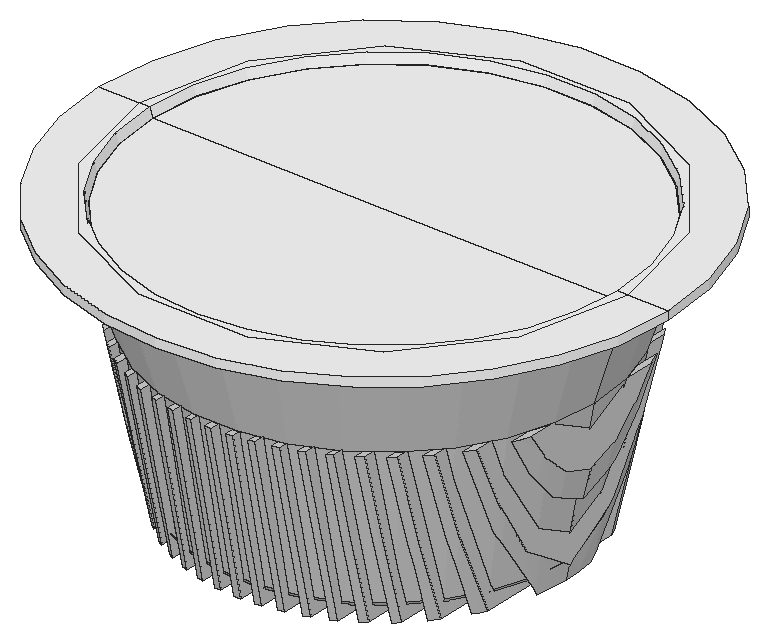
Revit family "LUXI_DOWNLIGHT_CC", category Apparecchi per illuminazione, host Superficie, Revit 2016
Family settings
  Host = Superficie
  Tipo di parte = Normale
  Quota connettore circolare = Usa diametro
  Numero OmniClass = 23.80.70.00
  Titolo OmniClass = Lighting
  Taglio con vuoti quando caricato = No
  Sorgente d'illuminazione = Sì
  Condiviso = No
  Punto di calcolo locali = Sì
Parameters (values of type "DLCC012120WX840")
  Weight = 0.32 kg
  Wattage = 12 W
  built-in parameter 1150103 = 7.74192 W
  Warranty = "5 years"  # constant formula
  Variazione temperatura colore lampada con luminosità attenuata = <Nessuno>
  Uniclass 2015 description = "Lighting"  # constant formula
  Uniclass 2015 code = "EF_70_80"  # constant formula
  URL = "https://www.luxi.lighting/"
  built-in parameter 1150107 = 4000 (stored number, unit not read)
  Step MacAdam (SDCM) = "<3"  # constant formula
  Size = "Ø140x68 recession Ø120"
  Review = "3"  # constant formula
  Rendi la forma visibile nel rendering = no
  Rated supply voltage = "220-240V AC / 50-60 Hz"  # constant formula
  Protection class = "II"  # constant formula
  Prospetto di default = 2000 mm
  Produttore = "Luxi Illuminazione S.r.l."  # constant formula
  Power supply = "Included, not dimmable"  # constant formula
  Power factor = "≥0,95 (typ.)"  # constant formula
  Photobiological risk group = "RG0"  # constant formula
  built-in parameter 1150110 = 1 (stored number, unit not read)
  built-in parameter 1150109 = 1 (stored number, unit not read)
  built-in parameter 1114218 = 1 (stored number, unit not read)
  built-in parameter 1150112 = 1 (stored number, unit not read)
  Optics = "Metalized reflector UGR≤19"  # constant formula
  Operating temperature = "0°C / +40°C"  # constant formula
  OFF3 = OFF2 + 8 mm + 1 mm  # 54 mm
  OFF2 = (Recession / 2) - 16 mm + 1 mm  # 45 mm
  OFF1 = H - 26.6 mm  # 41.4 mm
  Modello = "CC Series | Downlight"  # constant formula
  built-in parameter 1150137 = 1
  built-in parameter 1150132 = 2
  Material 3 = Molded Aluminum_Grey
  Material 2 = Opal Technopolimer
  Material 1 = Polycarbonate_White
  Masterformat 2016 description = "Lighting"  # constant formula
  Masterformat 2016 code = "26.50.00"  # constant formula
  Light source = "LED SMD"  # constant formula
  Light distribution = "Edge light"  # constant formula
  Lifetime = "L70B20 50.000h"  # constant formula
  built-in parameter 1150105 = 91.514 (stored number, unit not read)
  built-in parameter 1150102 = (empty or 0)
  Installation = "Recessed"  # constant formula
  Recession = 120 mm
  Impact rating = "IK06 (1 Joule)"  # constant formula
  built-in parameter 1150106 = 0.91514 (stored number, unit not read)
  IFCExportAs = "IfcLightFixtureType"  # constant formula
  H = 68 mm
  Lumens = 1150 lm
  Color Filter = 16777215
  File diagramma fotometrico = "DLCC012120WX840 Luxi Serie CC 12W 4000K UGR19.IES"
  built-in parameter 1114217 = 1 (stored number, unit not read)
  built-in parameter 1150139 = (empty or 0)
  Energy class = "A+"  # constant formula
  Emit from Circle Diameter = Diameter - (17.4 mm * 2)  # 105.2 mm
  built-in parameter 1150104 = 13.8 (stored number, unit not read)
  Dust and water protection rating = "IP 20"  # constant formula
  built-in parameter 1150115 = 1 (stored number, unit not read)
  built-in parameter 1150114 = 1 (stored number, unit not read)
  built-in parameter 1150113 = 1 (stored number, unit not read)
  Dimming = "1-10V / DALI / PUSH DIM (optional)"  # constant formula
  Diameter = 140 mm
  Descrizione = "LED Downlight"  # constant formula
  built-in parameter 1150134 = 12
  built-in parameter 1150138 = (empty or 0)
  Color = "White (frame)"  # constant formula
  Code = "DLCC012120WX840"
  Certifications = "CE / RohS"  # constant formula
  Carico apparente = Wattage  # 12 VA
  CRI = "≥80 (typ.)"
  Tilt Angle = -90.00°
  built-in parameter 1150133 = 10 (stored number, unit not read)
Types (4, lengths in mm): name | Weight | Wattage | built-in parameter 1150103 | Size | OFF3 | OFF2 | OFF1 | built-in parameter 1150105 | Recession | built-in parameter 1150106 | H | Lumens | File diagramma fotometrico | Emit from Circle Diameter | Diameter | Code | Carico apparente | CRI
  (no name) | 0.32 kg | 12 W | 7.74192 W | "Ø140x68 recession Ø120" | 54 | 45 | 41.4 | 91.514 (stored number, unit not read) | 120 | 0.91514 (stored number, unit not read) | 68 | 1150 lm | "DLCC012120WX840 Luxi Serie CC 12W 4000K UGR19.IES" | 105.2 | 140 | "DLCC012120WX840" | 12 VA | "≥80 (typ.)"
  DLCC012120WX840 | 0.32 kg | 12 W | 7.74192 W | "Ø140x68 recession Ø120" | 54 | 45 | 41.4 | 91.514 (stored number, unit not read) | 120 | 0.91514 (stored number, unit not read) | 68 | 1150 lm | "DLCC012120WX840 Luxi Serie CC 12W 4000K UGR19.IES" | 105.2 | 140 | "DLCC012120WX840" | 12 VA | "≥80 (typ.)"
  DLCC022150WX940 | 0.52 kg | 22 W | 14.1374 W | "Ø180x90 recession Ø150" | 69 | 60 | 63.4 | 1861.5 (stored number, unit not read) | 150 | 18.615 (stored number, unit not read) | 90 | 2100 lm | "DLCC022150WX840 Luxi Serie CC 22W 4000K UGR19.IES" | 145.2 | 180 | "DLCC022150WX940" | 22 VA | "≥90 (typ.)"
  DLCC032200WX840 | 0.92 kg | 32 W | 19.5231 W | "Ø230x120 recession Ø200" | 94 | 85 | 93.4 | 2127.4 (stored number, unit not read) | 200 | 21.274 (stored number, unit not read) | 120 | 2900 lm | "DLCC032200WX840 Luxi Serie CC 32W 4000K UGR19.IES" | 195.2 | 230 | "DLCC032200WX840" | 32 VA | "≥80 (typ.)"
Reference planes
  plane 1 "Centro (Fronte/Retro)": y = 0
  plane 2: z = 0
  plane 3 "Centro (Sinistra/Destra)": x = 0
  plane 4: x = -70
  plane 5: x = -60
  plane 6: x = -51.951
  plane 7: x = -44.206
  plane 8: x = 70
  plane 9: x = 60
  plane 10: x = 51.951
  plane 11: x = 44.206
  plane 12: z = 2.192
  plane 13 "RAD_Base": z = -65.808
  plane 14: z = -62.739
  plane 15: z = -24.405
Forms (mm)
  Revolve 1, solid, material "Molded Aluminum_Grey" <- "Material 3"
    sketch origin (0, 0, 0) x (1, 0, 0) y (0, 0, 1)
      loop
        line (-60, 0) -> (-51.951, -24.405) -> (-44.343, -61.917)
        arc (-44.343, -61.917) -> (-44.009, -62.504) -> (-43.373, -62.734) r 0.977
        line (-43.373, -62.734) -> (0, -62.447) -> (0, 0) -> (-60, 0)
      axis (0, 0) -> (0, -62.734)
    angle from 0 to 360
  Revolve 2, void
    sketch origin (0, 0, 0) x (1, 0, 0) y (0, 0, 1)
      loop
        line (-57.564, 2.192) -> (-48.792, -24.405) -> (0, -24.405) -> (0, 2.192) -> (-57.564, 2.192)
      axis (0, 2.192) -> (0, -24.405)
    angle from 0 to 360
  Extrusion 3, void
    sketch origin (0, 0, 0) x (1, 0, 0) y (0, 1, 0)
      loop
        circle (0, 0) r 60
    from -119.284 to 250
  Revolve 4, solid, material "Opal Technopolimer" <- "Material 2"
    sketch origin (0, 0, 0) x (1, 0, 0) y (0, 0, 1)
      loop
        line (-48.792, -24.405) -> (0, -24.405) -> (0, 0) -> (-56.841, 0) -> (-48.792, -24.405)
      axis (0, 0) -> (0, -24.405)
    angle from 0 to 360
  Revolve 5, solid, material "Polycarbonate_White" <- "Material 1"
    sketch origin (0, 0, 0) x (1, 0, 0) y (0, 0, 1)
      loop
        line (-70, 2.192) -> (-70, 0) -> (-56.841, 0) -> (-57.564, 2.192) -> (-60, 2.192) -> (-70, 2.192)
      axis (0, 2.192) -> (0, 0)
    angle from 0 to 360
Cuts and joins
  Revolve 2 cuts Revolve 1
Dimensions and locks
  equal spacing: plane 8, plane 3 "Centro (Sinistra/Destra)", plane 4
  equal spacing: plane 9, plane 3 "Centro (Sinistra/Destra)", plane 5
  equal spacing: plane 10, plane 3 "Centro (Sinistra/Destra)", plane 6
  equal spacing: plane 11, plane 3 "Centro (Sinistra/Destra)", plane 7
  "Recession": plane 9 to plane 5
  "Diameter": plane 8 to plane 4
  locked: plane 12 to host face at 2.192
  locked: plane 14 to plane 13 "RAD_Base" at 3.069
  "H": plane 12 to plane 13 "RAD_Base"
  locked: host face to plane 15 at 24.405
  locked: plane 6 to plane 5 at 8.049
  locked: plane 7 to plane 6 at 7.745
  level to plane 15 = 24.405 mm
  "Recession": diameter of Extrusion 3 sketch curve
  aligned and locked: plane 2 to host face
  aligned and locked: level to host face
  aligned and locked: imposter light to plane 12
Automatic sketch dimensions
  host sketch curve to host sketch curve = 2438.4 mm  (x2)
  Revolve 2 sketch curve to plane 15 = 0 mm
  Revolve 2 sketch curve to plane 3 "Centro (Sinistra/Destra)" = 0 mm  (x2)
  plane 6 to Revolve 2 sketch curve = 3.159 mm
  plane 5 to Revolve 2 sketch curve = 2.436 mm
  plane 13 "RAD_Base" to Revolve 2 sketch curve = 535.655 mm
  Revolve 2 sketch curve to plane 12 = 2606.866 mm
  Revolve 2 sketch curve to plane 12 = 0 mm
  Revolve 4 sketch curve to level = 0 mm
  Revolve 4 sketch curve to plane 15 = 0 mm
  Revolve 4 sketch curve to plane 3 "Centro (Sinistra/Destra)" = 0 mm
  plane 5 to Revolve 4 sketch curve = 3.159 mm
  plane 6 to Revolve 4 sketch curve = 3.159 mm
  Revolve 1 sketch curve to level = 0 mm
  Revolve 1 sketch curve to plane 5 = 0 mm
  Revolve 1 sketch curve to plane 6 = 0 mm
  Revolve 1 sketch curve to plane 3 "Centro (Sinistra/Destra)" = 0 mm  (x2)
  Revolve 1 sketch curve to plane 15 = 0 mm
  Revolve 1 sketch curve to plane 7 = 0.137 mm
  plane 7 to Revolve 1 sketch curve = 0.827 mm
  Revolve 1 sketch curve to plane 14 = 0.006 mm
  plane 7 to Revolve 1 sketch curve = 0.833 mm
  Revolve 1 sketch curve to plane 14 = 0.292 mm
  Revolve 1 sketch curve to plane 14 = 0.822 mm
  plane 13 "RAD_Base" to Revolve 1 sketch curve = 535.655 mm
  Revolve 1 sketch curve to Revolve 1 sketch curve = 2609.058 mm
  Revolve 5 sketch curve to plane 4 = 0 mm
  Revolve 5 sketch curve to plane 5 = 0 mm
  Revolve 5 sketch curve to plane 12 = 0 mm
  Revolve 5 sketch curve to level = 0 mm
  plane 5 to Revolve 5 sketch curve = 2.436 mm
  Revolve 5 sketch curve to Revolve 5 sketch curve = 0.723 mm
  plane 1 "Centro (Fronte/Retro)" to Extrusion 3 sketch curve = 0 mm
  Extrusion 3 sketch curve to plane 3 "Centro (Sinistra/Destra)" = 0 mm
Nested families
  nested 1: "CC_Radiators" at (0, 0, -65.808) x (-1, 0, 0) z (0, 0, -1), ALT <- "OFF1", A <- "OFF2", B <- "OFF3", Materiale <- "Material 3", type "CC_Radiators"
    with Materiale Molded Aluminum_Grey, B 54 mm, ALT 41.4 mm, A 45 mm
  nested 2: "Spot_CircDET" at (0, 0, 0), DiamEXT <- "Diameter", DiamINT <- "Recession", type "Spot_CircDET"
    with DiamINT 120 mm, DiamEXT 140 mm
Connectors
  electrical at (0, 0, -65.808), driven by "Wattage"
    settings: index 1, voltage 230 V, apparent load 0 VA, apparent load phase1 12 VA, apparent load phase2 0 VA, apparent load phase3 0 VA, power factor 1, load classification "Altro", number of poles 1, system type 31, power factor state 1, is connector primary yes, connector utility no, sub classification motor no, connector description ""
Definition of nested family "CC_Radiators"
  Parameters (values of type "Radiators")
    Default Elevation = 1219.2 mm
    Materiale [instance] = none
    B [instance] = 92.965 mm
    ALT [instance] = 120 mm
    A [instance] = 84.709 mm
  Reference planes
    plane 1 "Centro (Fronte/Retro)": y = 0
    plane 2: z = 0
    plane 3 "Centro (Sinistra/Destra)": x = 0
    plane 4: y = 125
    plane 5: y = -125
    plane 6: x = -125
    plane 7: x = 125
    plane 8: z = -120
  Forms (mm)
    Extrusion 1, solid
      sketch origin (0, 0, 0) x (1, 0, 0) y (0, 1, 0)
        loop
          line (-1219.2, 1219.2) -> (-1219.2, -1219.2) -> (1219.2, -1219.2) -> (1219.2, 1219.2) -> (-1219.2, 1219.2)
      from 0 to -304.8
    Extrusion 2, solid, material <- "Materiale"
      sketch origin (0, 0, 0) x (0, -1, 0) y (1, 0, 0)
        loop
          line (-125, -0.75) -> (125, -0.75) -> (125, 0.75) -> (-125, 0.75) -> (-125, -0.75)
        loop
          line (-125, 4.25) -> (125, 4.25) -> (125, 5.75) -> (-125, 5.75) -> (-125, 4.25)
        loop
          line (-125, 9.25) -> (125, 9.25) -> (125, 10.75) -> (-125, 10.75) -> (-125, 9.25)
        loop
          line (-125, 14.25) -> (125, 14.25) -> (125, 15.75) -> (-125, 15.75) -> (-125, 14.25)
        loop
          line (-125, 19.25) -> (125, 19.25) -> (125, 20.75) -> (-125, 20.75) -> (-125, 19.25)
        loop
          line (-125, 24.25) -> (125, 24.25) -> (125, 25.75) -> (-125, 25.75) -> (-125, 24.25)
        loop
          line (-125, 29.25) -> (125, 29.25) -> (125, 30.75) -> (-125, 30.75) -> (-125, 29.25)
        loop
          line (-125, 34.25) -> (125, 34.25) -> (125, 35.75) -> (-125, 35.75) -> (-125, 34.25)
        loop
          line (-125, 39.25) -> (125, 39.25) -> (125, 40.75) -> (-125, 40.75) -> (-125, 39.25)
        loop
          line (-125, 44.25) -> (125, 44.25) -> (125, 45.75) -> (-125, 45.75) -> (-125, 44.25)
        loop
          line (-125, 49.25) -> (125, 49.25) -> (125, 50.75) -> (-125, 50.75) -> (-125, 49.25)
        loop
          line (-125, 54.25) -> (125, 54.25) -> (125, 55.75) -> (-125, 55.75) -> (-125, 54.25)
        loop
          line (-125, 59.25) -> (125, 59.25) -> (125, 60.75) -> (-125, 60.75) -> (-125, 59.25)
        loop
          line (-125, 64.25) -> (125, 64.25) -> (125, 65.75) -> (-125, 65.75) -> (-125, 64.25)
        loop
          line (-125, 69.25) -> (125, 69.25) -> (125, 70.75) -> (-125, 70.75) -> (-125, 69.25)
        loop
          line (-125, 74.25) -> (125, 74.25) -> (125, 75.75) -> (-125, 75.75) -> (-125, 74.25)
        loop
          line (-125, 79.25) -> (125, 79.25) -> (125, 80.75) -> (-125, 80.75) -> (-125, 79.25)
        loop
          line (-125, 84.25) -> (125, 84.25) -> (125, 85.75) -> (-125, 85.75) -> (-125, 84.25)
        loop
          line (-125, 89.25) -> (125, 89.25) -> (125, 90.75) -> (-125, 90.75) -> (-125, 89.25)
        loop
          line (-125, 94.25) -> (125, 94.25) -> (125, 95.75) -> (-125, 95.75) -> (-125, 94.25)
        loop
          line (-125, 99.25) -> (125, 99.25) -> (125, 100.75) -> (-125, 100.75) -> (-125, 99.25)
        loop
          line (-125, 104.25) -> (125, 104.25) -> (125, 105.75) -> (-125, 105.75) -> (-125, 104.25)
        loop
          line (-125, 109.25) -> (125, 109.25) -> (125, 110.75) -> (-125, 110.75) -> (-125, 109.25)
        loop
          line (-125, 114.25) -> (125, 114.25) -> (125, 115.75) -> (-125, 115.75) -> (-125, 114.25)
        loop
          line (-125, 119.25) -> (125, 119.25) -> (125, 120.75) -> (-125, 120.75) -> (-125, 119.25)
        loop
          line (-125, 124.25) -> (125, 124.25) -> (125, 125.75) -> (-125, 125.75) -> (-125, 124.25)
        loop
          line (-125, -4.25) -> (-125, -5.75) -> (125, -5.75) -> (125, -4.25) -> (-125, -4.25)
        loop
          line (-125, -9.25) -> (-125, -10.75) -> (125, -10.75) -> (125, -9.25) -> (-125, -9.25)
        loop
          line (-125, -14.25) -> (-125, -15.75) -> (125, -15.75) -> (125, -14.25) -> (-125, -14.25)
        loop
          line (-125, -19.25) -> (-125, -20.75) -> (125, -20.75) -> (125, -19.25) -> (-125, -19.25)
        loop
          line (-125, -24.25) -> (-125, -25.75) -> (125, -25.75) -> (125, -24.25) -> (-125, -24.25)
        loop
          line (-125, -29.25) -> (-125, -30.75) -> (125, -30.75) -> (125, -29.25) -> (-125, -29.25)
        loop
          line (-125, -34.25) -> (-125, -35.75) -> (125, -35.75) -> (125, -34.25) -> (-125, -34.25)
        loop
          line (-125, -39.25) -> (-125, -40.75) -> (125, -40.75) -> (125, -39.25) -> (-125, -39.25)
        loop
          line (-125, -44.25) -> (-125, -45.75) -> (125, -45.75) -> (125, -44.25) -> (-125, -44.25)
        loop
          line (-125, -49.25) -> (-125, -50.75) -> (125, -50.75) -> (125, -49.25) -> (-125, -49.25)
        loop
          line (-125, -54.25) -> (-125, -55.75) -> (125, -55.75) -> (125, -54.25) -> (-125, -54.25)
        loop
          line (-125, -59.25) -> (-125, -60.75) -> (125, -60.75) -> (125, -59.25) -> (-125, -59.25)
        loop
          line (-125, -64.25) -> (-125, -65.75) -> (125, -65.75) -> (125, -64.25) -> (-125, -64.25)
        loop
          line (-125, -69.25) -> (-125, -70.75) -> (125, -70.75) -> (125, -69.25) -> (-125, -69.25)
        loop
          line (-125, -74.25) -> (-125, -75.75) -> (125, -75.75) -> (125, -74.25) -> (-125, -74.25)
        loop
          line (-125, -79.25) -> (-125, -80.75) -> (125, -80.75) -> (125, -79.25) -> (-125, -79.25)
        loop
          line (-125, -84.25) -> (-125, -85.75) -> (125, -85.75) -> (125, -84.25) -> (-125, -84.25)
        loop
          line (-125, -89.25) -> (-125, -90.75) -> (125, -90.75) -> (125, -89.25) -> (-125, -89.25)
        loop
          line (-125, -94.25) -> (-125, -95.75) -> (125, -95.75) -> (125, -94.25) -> (-125, -94.25)
        loop
          line (-125, -99.25) -> (-125, -100.75) -> (125, -100.75) -> (125, -99.25) -> (-125, -99.25)
        loop
          line (-125, -104.25) -> (-125, -105.75) -> (125, -105.75) -> (125, -104.25) -> (-125, -104.25)
        loop
          line (-125, -109.25) -> (-125, -110.75) -> (125, -110.75) -> (125, -109.25) -> (-125, -109.25)
        loop
          line (-125, -114.25) -> (-125, -115.75) -> (125, -115.75) -> (125, -114.25) -> (-125, -114.25)
        loop
          line (-125, -119.25) -> (-125, -120.75) -> (125, -120.75) -> (125, -119.25) -> (-125, -119.25)
        loop
          line (-125, -124.25) -> (-125, -125.75) -> (125, -125.75) -> (125, -124.25) -> (-125, -124.25)
      from 0 to -120
    Revolve 3, void
      sketch origin (0, 0, -117.808) x (1, 0, 0) y (0, 0, 1)
        loop
          line (-92.965, -2.192) -> (-84.709, 117.808) -> (-300, 117.808) -> (-300, -2.192) -> (-92.965, -2.192)
        axis (0, -2.192) -> (0, 117.808)
      angle from 0 to 360
  Cuts and joins
    Revolve 3 cuts Extrusion 2
  Dimensions and locks
    equal spacing: plane 6, plane 3 "Centro (Sinistra/Destra)", plane 7
    equal spacing: plane 4, plane 1 "Centro (Fronte/Retro)", plane 5
    plane 6 to plane 7 = 250 mm
    plane 4 to plane 5 = 250 mm
    "ALT": plane 8 to Extrusion 1
    "A": Revolve 3 sketch curve to Revolve 3 sketch curve
    "B": Revolve 3 sketch curve to Revolve 3 sketch curve
    locked: Revolve 3 sketch curve to Revolve 3 sketch curve at 300
    "ALT": Extrusion 1 to Revolve 3 sketch curve
    aligned and locked: plane 2 to Extrusion 1
    aligned and locked: level to Extrusion 1
    aligned and locked: Extrusion 2 to plane 8
  Automatic sketch dimensions
    Extrusion 1 sketch curve to Extrusion 1 sketch curve = 2438.4 mm  (x2)
    Extrusion 2 sketch curve to plane 4 = 0 mm  (x51)
    plane 5 to Extrusion 2 sketch curve = 0 mm  (x51)
    Extrusion 2 sketch curve to plane 6 = 0.75 mm
    plane 6 to Extrusion 2 sketch curve = 0.75 mm
    Extrusion 2 sketch curve to Extrusion 2 sketch curve = 3.5 mm  (x48)
    Extrusion 2 sketch curve to Extrusion 2 sketch curve = 1.5 mm  (x48)
    Extrusion 2 sketch curve to plane 3 "Centro (Sinistra/Destra)" = 0.75 mm
    plane 3 "Centro (Sinistra/Destra)" to Extrusion 2 sketch curve = 0.75 mm
    Extrusion 2 sketch curve to plane 7 = 0.75 mm
    plane 7 to Extrusion 2 sketch curve = 0.75 mm
    Revolve 3 sketch curve to level = 0 mm
    Revolve 3 sketch curve to plane 3 "Centro (Sinistra/Destra)" = 0 mm
    plane 8 to Revolve 3 sketch curve = 2446.091 mm
    level to Revolve 3 sketch curve = 535.655 mm
Definition of nested family "Spot_CircDET"
  Parameters (values of type "Spot_CircDET")
    DiamINT [instance] = 680 mm
    DiamEXT [instance] = 800 mm
  Reference planes
    plane 1 "Centro (Fronte/Retro)": y = 0
    plane 2: z = 0
    plane 3 "Centro (Sinistra/Destra)": x = 0
  Lines and regions (mm)
    detail lines, in view "Livello rif."
      curve 1: circle (0, 0, 0) r 400 normal (0, 0, 1)
      curve 2: circle (0, 0, 0) r 340 normal (0, 0, 1)
  Dimensions and locks
    "DiamEXT": diameter of curve 1
    "DiamINT": diameter of curve 2
  Automatic sketch dimensions
    curve 1 to curve 2 = 0 mm  (x2)
    plane 1 "Centro (Fronte/Retro)" to curve 2 = 0 mm
    curve 2 to plane 3 "Centro (Sinistra/Destra)" = 0 mm
